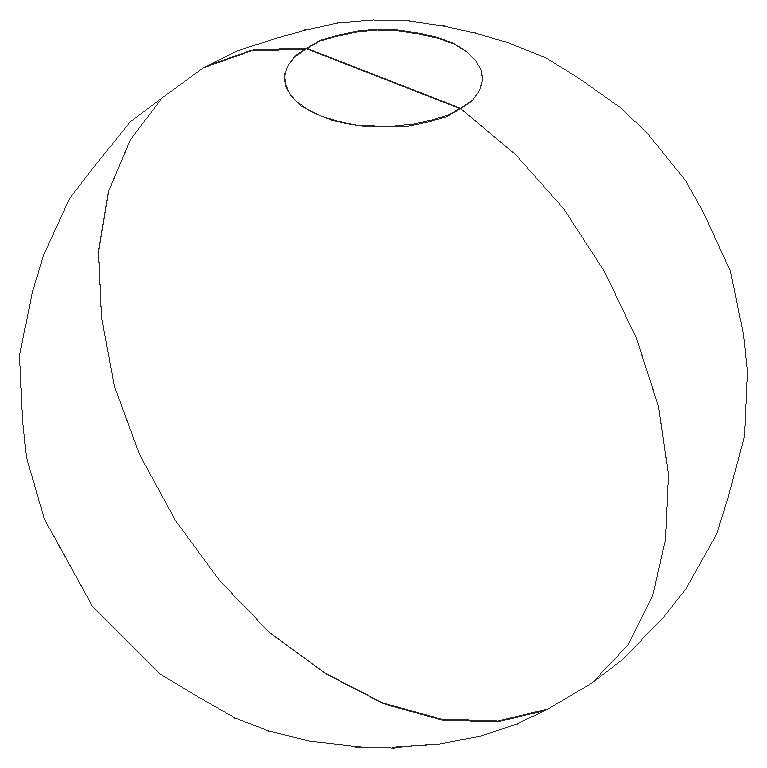
Revit family "Sphere", category Lighting Fixtures, Revit 2015
Parameters
  material = Glass Clear
  Wattage = 9.2903 W
  built-in parameter 1150110 = 1 (stored number, unit not read)
  built-in parameter 1114217 = 1 (stored number, unit not read)
  built-in parameter 1150109 = 1 (stored number, unit not read)
  built-in parameter 1150134 = 3
  built-in parameter 1150113 = 1 (stored number, unit not read)
  built-in parameter 1150105 = 109.82 (stored number, unit not read)
  Lumens = 1380 lm
  built-in parameter 1150115 = 1 (stored number, unit not read)
  Light Source Symbol Size = 609.6 mm
  built-in parameter 1150137 = (empty or 0)
  built-in parameter 1150139 = (empty or 0)
  built-in parameter 1150112 = 1 (stored number, unit not read)
  built-in parameter 1150114 = 1 (stored number, unit not read)
  built-in parameter 1150132 = 2
  built-in parameter 1150102 = (empty or 0)
  built-in parameter 1150107 = 3200 (stored number, unit not read)
  built-in parameter 1150138 = (empty or 0)
  built-in parameter 1150106 = 1.0982 (stored number, unit not read)
  built-in parameter 1150104 = 13.8 (stored number, unit not read)
  Dimming Lamp Color Temperature Shift = (empty or 0)
  Color Filter = 16777215
  built-in parameter 1114218 = 1 (stored number, unit not read)
  built-in parameter 1150133 = 10 (stored number, unit not read)
Reference planes
  plane 1 "Center (Front/Back)": y = 0
  plane 2: z = 0
  plane 3 "Center (Left/Right)": x = 0
Forms (mm)
  Revolve 1, solid, material "Glass Clear" <- "material"
    sketch origin (0, 0, -1800) x (1, 0, 0) y (0, 0, 1)
      loop
        arc (0, 1400) -> (396.232, 1745.228) -> (108.513, 2185) r 400
        line (108.513, 2185) -> (0, 2185) -> (0, 1400)
      axis (0, 2185) -> (0, 1400)
    angle from 0 to 360
Dimensions and locks
  radius of Revolve 1 sketch curve = 400 mm
  aligned and locked: level to plane 2
